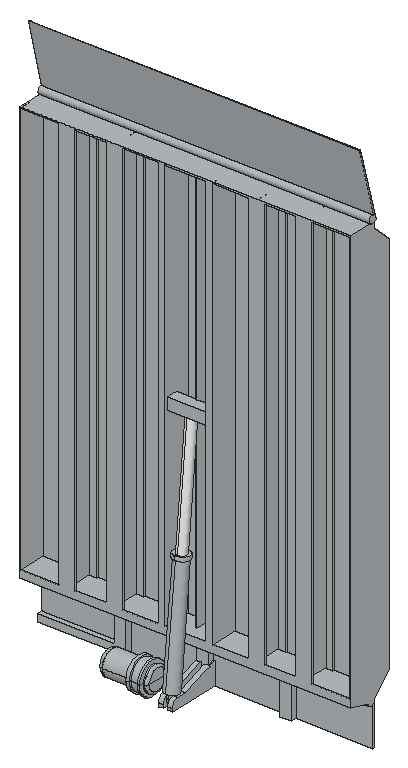
Revit family "DockEquipment_Leveler_Pentalift_HUV", category Specialty Equipment, host Face, Revit 2024
Family settings
  Host = Face
  Round Connector Dimension = Use Diameter
  Part Type = Normal
  Enable Cutting in Views = No
  Cut with Voids When Loaded = No
  Maintain Annotation Orientation = No
  Shared = No
  Room Calculation Point = No
Parameters
  YTotal [instance] = InclHeight + Unit Depth - 0' 2 1/4"  # 4' - 5 15/16"
  XDim [instance] = ((((Platform Length / 2) - 0' 0 3/4") * cos(Incline Angle)) + (0' 3 3/4" * sin(Incline Angle))) - 0' 10 1/8" + 0' 0 3/4"  # -0' - 5 5/8"
  Warranty Duration (Years) = 0
  Unit Width = 6' - 0"
  Unit Depth = 0' - 10"
  URL = "http://www.pentalift.com/index.php"
  Test Data = ""
  Specification = ""
  SpecWizard = ""
  Send Message = "http://www.arcat.com/users.pl?action=UserEmail&company=Pentalift Equipment Corp.&coid=34752&rep=119&fax=519-763-2894&mf="
  Sales Information = "http://www.pentalift.com/about-us.htm"
  Revision = "R1_1_2012"
  Product Properties = ""
  Product Data = "http://www.arcat.com/arcatcos/cos34/arc34752.html"
  Pit Length = 8' - 0"
  PistonAngle [instance] = if(PA < 0.00°, (90.00° - abs(PA)) + 90.00°, PA)  # 95.9537°
  Piston Length [instance] = abs(XDim / cos(PA))  # 4' - 6.23002"
  PL/2 [instance] = Piston Length / 2  # 2' - 3.11501"
  Platform Length = 7' - 9 7/8"
  PA [instance] = atan(YTotal / XDim)  # -84.0463°
  Model = "As Specified"
  Material = Metal - Steel - Pentalift - Painted - Gray
  Manufacturer Website = "http://www.pentalift.com/index.php"
  Manufacturer Phone - Toll Free = ""
  Manufacturer Phone = "519-763-3625"
  Manufacturer Fax = "519-763-2894"
  Manufacturer Address = "21 Nicholas Beaver Rd. Guelph, ON, Canada N1H 6H9 "
  Manufacturer = "Pentalift Equipment Corp."
  Maintenance Schedule (Months) = 0
  Lip Length [instance] = 1' - 4"
  Lip Angle [instance] = 0.00°
  Keynote = "11160"
  Installation-Fabrication = ""
  Installation Phase = ""
  Incline Angle [instance] = 90.00°
  InclHeight [instance] = (((Platform Length / 2) - 0' 0 3/4") * sin(Incline Angle)) - (0' 3 3/4" * cos(Incline Angle))  # 3' - 10 3/16"
  Green Building-LEED = ""
  Pit Extension Right [instance] = 0' - 0"
  Pit Extension Left [instance] = 0' - 0"
  Expected Lifespan (Years) = 0
  Drawn By = "Sumex Design, Inc. / Robert S. Weygant, CSI, CDT, SCIP"
  Description = "Pentalift Dock Equipment as Specified"
  Default Elevation = 4' - 0"
  Copyright = "©Arcat Inc."
  Construction Details = "http://www.arcat.com/details/pentalif/pentalif.html?coid=34752"
  Capacity (Weight) = 100.00 kip
  Building Codes = ""
  Assembly Code = "E1030300"
Reference planes (in)
  plane 1 "Center (Front/Back)": y = 0
  plane 2: z = 0
  plane 3 "Center (Left/Right)": x = 0
  plane 4: y = 48
  plane 5: y = -48
  plane 6: x = -36
  plane 7: x = 36
  plane 8: z = -10
  plane 9: x = -18
  plane 10: x = 18
  plane 11: y = 37.875
  plane 12: z = -8.5
  plane 13: z = -6
  plane 14: x = -36
  plane 15: x = 36
Forms (in)
  Extrusion 1, void
    sketch origin (0, 0, 0) x (1, 0, 0) y (0, 1, 0)
      loop
        line (-36, -48) -> (36, -48) -> (36, 48) -> (-36, 48) -> (-36, -48)
    from 0 to -10
  Sweep 2, solid, material "Metal - Steel - Pentalift - Painted - Gray" <- "Material"
    path origin (-11.83813, 48, 48) x (-1, 0, 0) y (0, 0, 1)
      loop
        line (6.16187, -58) -> (6.16187, -49.5)
    profile origin (-18, 48, -5.75) x (1, 0, 0) y (0, 1, 0)
      loop
        line (-1.25, -0.25) -> (-1.25, -1.5) -> (1.25, -1.5) -> (1.25, -0.25) -> (-1.25, -0.25)
  Sweep 3, solid, material "Metal - Steel - Pentalift - Painted - Gray" <- "Material"
    path origin (24.16187, 48, 48) x (-1, 0, 0) y (0, 0, 1)
      loop
        line (6.16187, -58) -> (6.16187, -49.5)
    profile origin (18, 48, -5.75) x (1, 0, 0) y (0, 1, 0)
      loop
        line (-1.25, -0.25) -> (-1.25, -1.5) -> (1.25, -1.5) -> (1.25, -0.25) -> (-1.25, -0.25)
  Revolve 4, solid, material "Metal - Steel - Pentalift - Painted - Gray" <- "Material"
    sketch origin (0, 37.875, -8.5) x (0, 0.103725, 0.994606) y (0, -0.994606, 0.103725)
      loop
        line (1.25, 0) -> (27.11501, 0) -> (27.11501, 1.75) -> (26.36501, 1.75) -> (26.36501, 1.5) -> (1.25, 1.5) -> (1.25, 0)
      axis (1.25, 0) -> (27.11501, 0)
    angle from 0 to 360
  Revolve 5, solid, material "Metal - Chrome - Pentalift - Polished"
    sketch origin (0, 37.875, -8.5) x (0, 0.103725, 0.994606) y (0, -0.994606, 0.103725)
      loop
        line (27.11501, 0) -> (54.23002, 0) -> (54.23002, 1) -> (27.11501, 1) -> (27.11501, 0)
      axis (27.11501, 0) -> (54.23002, 0)
    angle from 0 to 360
  Extrusion 6, solid, material "Metal - Steel - Pentalift - Painted - Gray" <- "Material"
    sketch origin (-11.83813, 48, 48) x (-1, 0, 0) y (0, 0, 1)
      loop
        line (24.16187, -49.5) -> (-47.83813, -49.5) -> (-47.83813, -58) -> (24.16187, -58) -> (24.16187, -49.5)
    from 0 to -0.25
  Extrusion 7, solid, material "Metal - Steel - Pentalift - Painted - Gray" <- "Material"
    sketch origin (-15.17702, -180, -10) x (-1, 0, 0) y (0, -1, 0)
      loop
        line (4.07298, -226.5) -> (4.07298, -227.75) -> (20.82298, -227.75) -> (20.82298, -226.5) -> (4.07298, -226.5)
    from 0 to 1.5
  Extrusion 8, solid, material "Metal - Steel - Pentalift - Painted - Gray" <- "Material"
    sketch origin (0, 0, 0) x (0, 1, 0) y (0, 0, 1)
      loop
        line (48, -10) -> (48, -4.90162) -> (39.87356, -7.875) -> (37.875, -7.875)
        arc (37.875, -7.875) -> (36.81434, -8.31434) -> (36.375, -9.375) r 1.5
        line (36.375, -9.375) -> (36.375, -10) -> (48, -10)
    from 0.5 to 1.5
  Sweep 9, solid, material "Metal - Steel - Pentalift - Painted - Gray" <- "Material"
    path origin (6.16187, 48, 48) x (-1, 0, 0) y (0, 0, 1)
      loop
        line (6.16187, -58) -> (6.16187, -49.5)
    profile origin (0, 48, -5.75) x (1, 0, 0) y (0, 1, 0)
      loop
        line (-1.25, -0.25) -> (-1.25, -1.5) -> (1.25, -1.5) -> (1.25, -0.25) -> (-1.25, -0.25)
  Revolve 10, solid, material "Metal - Steel - Pentalift - Painted - Gray" <- "Material"
    sketch origin (19.5, -180, -6) x (-1, 0, 0) y (0, -1, 0)
      loop
        line (22.5, -217.875) -> (22.5, -220.125)
        arc (22.5, -220.125) -> (22.64645, -220.47855) -> (23, -220.625) r 0.5
        line (23, -220.625) -> (23.5, -220.625) -> (23.5, -221.375) -> (24, -221.375) -> (24, -221.125) -> (25.75, -221.125) -> (25.75, -221.375) -> (26.5, -221.375) -> (26.5, -220.625) -> (32.25, -220.625)
        arc (32.25, -220.625) -> (32.95711, -220.33211) -> (33.25, -219.625) r 1
        line (33.25, -219.625) -> (33.25, -217.875) -> (22.5, -217.875)
      axis (22.5, -217.875) -> (33.25, -217.875)
    angle from 0 to 360
  Extrusion 11, solid, material "Metal - Steel - Pentalift - Painted - Gray" <- "Material"
    sketch origin (0, 37.875, -8.5) x (0, 0.103725, 0.994606) y (0, -0.994606, 0.103725)
      loop
        line (1.25, 1) -> (0, 1)
        arc (0, 1) -> (-1, 0) -> (0, -1) r 1
        line (0, -1) -> (1.25, -1) -> (1.25, 1)
    from -0.25 to 0.25
  Extrusion 12, solid, material "Metal - Steel - Pentalift - Painted - Gray" <- "Material"
    sketch origin (0, 0, 0) x (0, 1, 0) y (0, 0, 1)
      loop
        line (48, -10) -> (48, -4.90162) -> (39.87356, -7.875) -> (37.875, -7.875)
        arc (37.875, -7.875) -> (36.81434, -8.31434) -> (36.375, -9.375) r 1.5
        line (36.375, -9.375) -> (36.375, -10) -> (48, -10)
    from -0.5 to -1.5
Cuts and joins
  joined: Sweep 2, Sweep 3, Extrusion 6, Extrusion 7, Extrusion 8, Sweep 9, Extrusion 12
  joined: Revolve 4, Extrusion 11
Lines and regions (in)
  reference lines
    curve 1: line (0, 47.25, -0.75) -> (0, 47.25, 75.25)
    curve 2: line (0, 37.875, -8.5) -> (0, 43.37242, 44.21412)
Text (in)
  text "Needs electrical connection - assume this would connect to hydraulic motor..." at (51.60765, 15.26914, 0), in view "Ref. Level"
Dimensions and locks (in)
  "Unit Depth": level to plane 8
  equal spacing: plane 4, plane 1 "Center (Front/Back)", plane 5
  equal spacing: plane 6, plane 3 "Center (Left/Right)", plane 7
  "Unit Width": plane 6 to plane 7
  equal spacing: plane 6, plane 9, plane 3 "Center (Left/Right)"
  locked: plane 4 to plane 11 at 10.125
  locked: plane 12 to plane 8 at 1.5
  equal spacing: plane 3 "Center (Left/Right)", plane 10, plane 7
  "PL/2": curve 2 to Revolve 4 sketch curve
  locked: Revolve 4 sketch curve to Revolve 4 sketch curve at 0.75
  "PL/2": Revolve 5 sketch curve to curve 2
  "Piston Length": curve 2 to Revolve 5 sketch curve
  locked: plane 13 to plane 12 at 2.5
  "Pit Length": plane 4 to plane 5
  "Pit Extension Right": plane 7 to plane 15
  "Pit Extension Left": plane 14 to plane 6
  locked: plane 4 to curve 1 at 0.75
  locked: level to curve 1 at 0.75
  locked: Revolve 10 sketch curve to plane 3 "Center (Left/Right)" at 13.75
  "Incline Angle": angle level to curve 1
  "PistonAngle": angle plane 12 to curve 2
  aligned and locked: plane 2 to host face
  aligned and locked: level to host face
  aligned and locked: Extrusion 1 to plane 8
Automatic sketch dimensions
  host sketch curve to host sketch curve = 8' - 0"
  host sketch curve to host sketch curve = 9' - 11.43093"
  Extrusion 1 sketch curve to plane 4 = 0' - 0"
  Extrusion 1 sketch curve to plane 14 = 0' - 0"
  Extrusion 1 sketch curve to plane 5 = 0' - 0"
  Extrusion 1 sketch curve to plane 15 = 0' - 0"
  curve 2 to plane 11 = 0' - 0"
  curve 2 to plane 12 = 0' - 0"
  Sweep 2 sketch curve to plane 9 = 0' - 0"
  Sweep 2 sketch curve to plane 8 = 0' - 0"
  Sweep 2 sketch curve to level = 0' - 1 1/2"
  profile plane to Sweep 2 sketch curve = 0' - 1 1/4"
  Sweep 2 sketch curve to profile plane = 0' - 1 1/4"
  Sweep 2 sketch curve to plane 4 = 0' - 1 1/2"
  Sweep 2 sketch curve to plane 4 = 0' - 0 1/4"
  Sweep 3 sketch curve to plane 10 = 0' - 0"
  Sweep 3 sketch curve to plane 8 = 0' - 0"
  Sweep 3 sketch curve to level = 0' - 1 1/2"
  profile plane to Sweep 3 sketch curve = 0' - 1 1/4"
  Sweep 3 sketch curve to profile plane = 0' - 1 1/4"
  Sweep 3 sketch curve to plane 4 = 0' - 1 1/2"
  Sweep 3 sketch curve to plane 4 = 0' - 0 1/4"
  Revolve 5 sketch curve to curve 2 = 0' - 0"  (x2)
  Revolve 5 sketch curve to curve 2 = 0' - 1"
  Revolve 5 sketch curve to Revolve 5 sketch curve = 0' - 5 1/2"
  Revolve 5 sketch curve to Revolve 5 sketch curve = 0' - 1"
  Extrusion 6 sketch curve to plane 7 = 0' - 0"
  Extrusion 6 sketch curve to plane 6 = 0' - 0"
  Extrusion 6 sketch curve to plane 8 = 0' - 0"
  Extrusion 6 sketch curve to level = 0' - 1 1/2"
  Extrusion 7 sketch curve to plane 6 = 0' - 0"
  Extrusion 7 sketch curve to plane 9 = 0' - 1 1/4"
  Extrusion 7 sketch curve to plane 4 = 0' - 0 1/4"
  Extrusion 7 sketch curve to Extrusion 7 sketch curve = 0' - 1 1/4"
  Sweep 9 sketch curve to plane 3 "Center (Left/Right)" = 0' - 0"
  Sweep 9 sketch curve to plane 8 = 0' - 0"
  Sweep 9 sketch curve to level = 0' - 1 1/2"
  profile plane to Sweep 9 sketch curve = 0' - 1 1/4"
  Sweep 9 sketch curve to profile plane = 0' - 1 1/4"
  Sweep 9 sketch curve to plane 4 = 0' - 1 1/2"
  Sweep 9 sketch curve to plane 4 = 0' - 0 1/4"
  Extrusion 8 sketch curve to plane 8 = 0' - 0"
  Extrusion 11 sketch curve to curve 2 = 0' - 0"  (x3)
  curve 2 to Extrusion 11 sketch curve = 0' - 1"
  curve 2 to Extrusion 11 sketch curve = 0' - 1 1/4"
  Extrusion 12 sketch curve to plane 8 = 0' - 0"
  Extrusion 12 sketch curve to plane 11 = 0' - 0"
  Extrusion 12 sketch curve to plane 4 = 0' - 0"
  Extrusion 12 sketch curve to plane 13 = 0' - 1 7/8"
  Extrusion 12 sketch curve to plane 4 = 0' - 8.12644"
  plane 13 to Extrusion 12 sketch curve = 0' - 1.09838"
  Extrusion 12 sketch curve to plane 12 = 0' - 0 7/8"
  Revolve 4 sketch curve to curve 2 = 0' - 0"  (x2)
  curve 2 to Revolve 4 sketch curve = 0' - 1 1/4"
  Revolve 4 sketch curve to curve 2 = 0' - 1"
  Revolve 4 sketch curve to Revolve 4 sketch curve = 0' - 5 1/2"
  curve 2 to Revolve 4 sketch curve = 0' - 1 1/2"
  Revolve 4 sketch curve to Revolve 4 sketch curve = 0' - 0 1/4"
  plane 12 to Extrusion 8 sketch curve = 0' - 0 5/8"
  Extrusion 8 sketch curve to plane 11 = 0' - 1.99856"
  plane 13 to Extrusion 8 sketch curve = 0' - 1.09838"
  Extrusion 8 sketch curve to plane 11 = 0' - 0"
  plane 8 to Extrusion 8 sketch curve = 0' - 0 5/8"
  Extrusion 8 sketch curve to plane 4 = 0' - 0"
  Revolve 10 sketch curve to plane 11 = 0' - 0"  (x2)
  Revolve 10 sketch curve to plane 9 = 0' - 0"
  Revolve 10 sketch curve to Revolve 10 sketch curve = 0' - 1"
  Revolve 10 sketch curve to Revolve 10 sketch curve = 0' - 5 3/4"
  Revolve 10 sketch curve to Revolve 10 sketch curve = 0' - 0 3/4"  (x2)
  Revolve 10 sketch curve to Revolve 10 sketch curve = 0' - 1 3/4"
  Revolve 10 sketch curve to Revolve 10 sketch curve = 0' - 0 1/2"  (x4)
  Revolve 10 sketch curve to Revolve 10 sketch curve = 0' - 1 1/4"
  Revolve 10 sketch curve to plane 11 = 0' - 1 3/4"
  Revolve 10 sketch curve to plane 11 = 0' - 2 1/4"
  Revolve 10 sketch curve to Revolve 10 sketch curve = 0' - 0 1/4"
Nested families (in)
  nested 1: "Platform_HUV" at (0, 47.25, 45.4375) x (1, 0, 0) z (0, 1, 0), Material <- "Material", Unit Width <- "Unit Width", Unit Length <- "Platform Length", Lip Length <- "Lip Length", Lip Angle <- "Lip Angle", type "Platform_HUV"
    with offset 0' - 0", ll 1' - 3 1/4", Unit Width 6' - 0", Unit Length 7' - 9 7/8", Material Metal - Steel - Pentalift - Painted - Gray, Lip Length 1' - 4", Lip Angle 0.00°, FlapLength 3' - 4 15/16"
Definition of nested family "Platform_HUV"
  Parameters
    offset [instance] = 0' - 0"
    ll [instance] = Lip Length - 0' 0 3/4"  # 1' - 3 1/4"
    Warranty Duration (Years) = 0
    Unit Width [instance] = 6' - 0"
    Unit Length [instance] = 10' - 0"
    Unit Depth = 0' - 6 1/4"
    URL = "http://www.pentalift.com/index.php"
    Specification = ""
    SpecWizard = ""
    Send Message = "http://www.arcat.com/users.pl?action=UserEmail&company=Pentalift Equipment Corp.&coid=34752&rep=119&fax=519-763-2894&mf="
    Sales Information = "http://www.pentalift.com/about-us.htm"
    Revision = "R1_01-2012"
    Product Properties = ""
    Product Data = "http://www.arcat.com/arcatcos/cos34/arc34752.html"
    Model = "As Specified"
    Material [instance] = none
    Manufacturer Website = "http://www.pentalift.com/index.php"
    Manufacturer Phone - Toll Free = ""
    Manufacturer Phone = "519-763-3625 "
    Manufacturer Fax = "519-763-2894"
    Manufacturer Address = "21 Nicholas Beaver Rd. Guelph, ON, Canada N1H 6H9 "
    Manufacturer = "Pentalift Equipment Corp."
    Maintenance Schedule (Months) = 0
    Lip Length [instance] = 1' - 4"
    Lip Angle [instance] = 15.00°
    Keynote = "11160"
    Installation-Fabrication = ""
    Installation Phase = ""
    Green Building-LEED = ""
    FlapLength [instance] = (Unit Length / 2) - 0' 6"  # 4' - 6"
    Expected Lifespan (Years) = 0
    Drawn By = "Sumex Design, Inc. / Robert S. Weygant, CSI, CDT, SCIP"
    Description = "Pentalift Dock Equipment as Specified"
    Default Elevation = 4' - 0"
    Copyright = "©Arcat Inc."
    Construction Details = "http://www.arcat.com/details/pentalif/pentalif.html?coid=34752"
    Assembly Code = "E1030300"
  Reference planes (in)
    plane 1 "Center (Front/Back)": y = 0
    plane 2 "Bottom": z = 0
    plane 3 "Center (Left/Right)": x = 0
    plane 4 "Front": y = -60
    plane 5 "Back": y = 60
    plane 6 "Left": x = -36
    plane 7 "Right": x = 36
    plane 8 "Top": z = -5.5
    plane 9: y = -60.75
    plane 10: x = -25.71429
    plane 11: x = -15.42857
    plane 12: x = -5.14286
    plane 13: x = 5.14286
    plane 14: x = 15.42857
    plane 15: x = 25.71429
    plane 16: z = 0.75
    plane 17: y = 59.25
  Forms (in)
    Extrusion 1, solid, material <- "Material"
      sketch origin (0, 67, 0.75) x (0, 1, 0) y (-1, 0, 0)
        loop
          line (-7.3404, 36) -> (-127, 36) -> (-127, -36) -> (-7.3404, -36) -> (-7.3404, 36)
      from 0 to -0.25
    Extrusion 2, solid, material <- "Material"
      sketch origin (-11.94222, -60, 48) x (-1, 0, 0) y (0, 0, 1)
        loop
          line (24.05778, -47.25) -> (-47.94222, -47.25) -> (-47.94222, -53.5) -> (24.05778, -53.5) -> (24.05778, -47.25)
      from 0 to 0.25
    Extrusion 3, solid, material <- "Material"
      sketch origin (-36, 16.34522, 48) x (0, 1, 0) y (0, 0, 1)
        loop
          line (43.31438, -47.25) -> (-76.34522, -47.25) -> (-76.34522, -53.5) -> (41.54078, -53.5) -> (42.88877, -48.74983)
          arc (42.88877, -48.74983) -> (43.62138, -48.22132) -> (43.31438, -47.37173) r 0.75
          line (43.31438, -47.37173) -> (43.31438, -47.25)
      from 0 to 0.25
    Extrusion 4, solid, material <- "Material"
      sketch origin (36, 16.34522, 48) x (0, 1, 0) y (0, 0, 1)
        loop
          line (43.31438, -47.25) -> (-76.34522, -47.25) -> (-76.34522, -53.5) -> (41.54078, -53.5) -> (42.88877, -48.74983)
          arc (42.88877, -48.74983) -> (43.62138, -48.22132) -> (43.31438, -47.37173) r 0.75
          line (43.31438, -47.37173) -> (43.31438, -47.25)
      from 0 to -0.25
    Extrusion 5, solid, material <- "Material"
      sketch origin (0, -60.75, 0.25) x (0, -0.965926, -0.258819) y (0, 0.258819, -0.965926)
        loop
          line (-0.75, -0.75) -> (15.25, -0.75) -> (15.25, -0.5) -> (0.55902, -0.5)
          arc (0.55902, -0.5) -> (0, 0.75) -> (-0.55902, -0.5) r 0.75
          line (-0.55902, -0.5) -> (-0.75, -0.5) -> (-0.75, -0.75)
      from -36 to 36
    Extrusion 6, solid, material <- "Material"
      sketch origin (-11.94222, -60, 48) x (-1, 0, 0) y (0, 0, 1)
        loop
          line (-6.04936, -47.5) -> (-7.54936, -47.5) -> (-7.54936, -53.5) -> (-6.04936, -53.5) -> (-6.04936, -47.5)
        loop
          line (-16.33507, -47.5) -> (-17.83507, -47.5) -> (-17.83507, -53.5) -> (-16.33507, -53.5) -> (-16.33507, -47.5)
        loop
          line (-11.81722, -48.25) -> (-12.06722, -48.25) -> (-12.06722, -50.5) -> (-11.81722, -50.5) -> (-11.81722, -48.25)
        loop
          line (5.23635, -47.49673) -> (1.73635, -47.49673) -> (1.73635, -47.74673) -> (3.36135, -47.74673) -> (3.36135, -53.25) -> (1.73635, -53.25) -> (1.73635, -53.5) -> (5.23635, -53.5) -> (5.23635, -53.25) -> (3.61135, -53.25) -> (3.61135, -47.74673) -> (5.23635, -47.74673) -> (5.23635, -47.49673)
        loop
          line (-25.62079, -47.49673) -> (-29.12079, -47.49673) -> (-29.12079, -47.74673) -> (-27.49579, -47.74673) -> (-27.49579, -53.25) -> (-29.12079, -53.25) -> (-29.12079, -53.5) -> (-25.62079, -53.5) -> (-25.62079, -53.25) -> (-27.24579, -53.25) -> (-27.24579, -47.74673) -> (-25.62079, -47.74673) -> (-25.62079, -47.49673)
        loop
          line (-35.9065, -47.49673) -> (-39.4065, -47.49673) -> (-39.4065, -47.74673) -> (-37.7815, -47.74673) -> (-37.7815, -53.25) -> (-39.4065, -53.25) -> (-39.4065, -53.5) -> (-35.9065, -53.5) -> (-35.9065, -53.25) -> (-37.5315, -53.25) -> (-37.5315, -47.74673) -> (-35.9065, -47.74673) -> (-35.9065, -47.49673)
        loop
          line (15.52207, -47.49673) -> (12.02207, -47.49673) -> (12.02207, -47.74673) -> (13.64707, -47.74673) -> (13.64707, -53.25) -> (12.02207, -53.25) -> (12.02207, -53.5) -> (15.52207, -53.5) -> (15.52207, -53.25) -> (13.89707, -53.25) -> (13.89707, -47.74673) -> (15.52207, -47.74673) -> (15.52207, -47.49673)
      from 0 to 116.25
    Extrusion 7, solid, material <- "Material"
      sketch origin (-36, 16.34522, 48) x (0, 1, 0) y (0, 0, 1)
        loop
          line (41.54078, -53.5) -> (42.88877, -48.74983)
          arc (42.88877, -48.74983) -> (43.62138, -48.22132) -> (43.31438, -47.37173) r 0.75
          line (43.31438, -47.37173) -> (43.31438, -47.25) -> (39.90478, -47.25) -> (39.90478, -53.5) -> (41.54078, -53.5)
      from 0 to 72
    Extrusion 8, solid, material <- "Material"
      sketch origin (-5.14286, 53.27337, 48) x (0, 1, 0) y (0, 0, 1)
        loop
          line (-52.02337, -50.5) -> (-54.52337, -50.5) -> (-54.52337, -53) -> (-52.02337, -53) -> (-52.02337, -50.5)
      from 0 to 10.28571
    Extrusion 9, solid, material <- "Material"
      sketch origin (-36, 16.34522, 48) x (0, 1, 0) y (0, 0, 1)
        loop
          line (42.65478, -47.25) -> (38.65478, -43.25) -> (-71.34522, -43.25) -> (-75.34522, -47.25) -> (42.65478, -47.25)
      from 0 to 0.25
    Extrusion 10, solid, material <- "Material"
      sketch origin (36, 16.34522, 48) x (0, 1, 0) y (0, 0, 1)
        loop
          line (42.65478, -47.25) -> (38.65478, -43.25) -> (-71.34522, -43.25) -> (-75.34522, -47.25) -> (42.65478, -47.25)
      from 0 to -0.25
  Cuts and joins
    joined: Extrusion 1, Extrusion 2, Extrusion 3, Extrusion 4, Extrusion 6, Extrusion 7, Extrusion 8, Extrusion 9, Extrusion 10
  Lines and regions (in)
    reference lines
      curve 1: line (0, -60.75, 0.25) -> (0, -85.86407, -6.4793)
      curve 2: line (0, -60.75, 0.25) -> (0, -61.33234, 2.42333)
  Dimensions and locks (in)
    equal spacing: plane 6 "Left", plane 3 "Center (Left/Right)", plane 7 "Right"
    "Unit Width": plane 6 "Left" to plane 7 "Right"
    equal spacing: plane 5 "Back", plane 1 "Center (Front/Back)", plane 4 "Front"
    "Unit Length": plane 5 "Back" to plane 4 "Front"
    locked: plane 4 "Front" to plane 9 at 0.75
    equal spacing: plane 6 "Left", plane 10, plane 11, plane 12, plane 13, plane 14, plane 15, plane 7 "Right"
    locked: curve 1 to level at 0.25
    "ll": Extrusion 5 sketch curve to curve 2
    locked: curve 2 to Extrusion 5 sketch curve at 0.75
    locked: plane 16 to level at 0.75
    "Unit Depth": plane 16 to plane 8 "Top"
    locked: plane 5 "Back" to plane 17 at 0.75
    locked: plane 17 to cut or joined group of Extrusion 1, Extrusion 2, Extrusion 3, Extrusion 4, Extrusion 6, Extrusion 7, Extrusion 8, Extrusion 9, Extrusion 10 at 3
    aligned and locked: Extrusion 5 to plane 6 "Left"
    aligned and locked: Extrusion 5 to plane 7 "Right"
    aligned and locked: plane 7 "Right" to Extrusion 7
    aligned and locked: plane 13 to Extrusion 8
    aligned: Extrusion 6 sketch curve to Extrusion 6 sketch curve
  Automatic sketch dimensions
    curve 2 to curve 1 = 0' - 0"  (x2)
    curve 2 to curve 1 = 0' - 2 1/4"
    Extrusion 5 sketch curve to curve 1 = 0' - 0"  (x2)
    curve 1 to Extrusion 5 sketch curve = 0' - 0 1/2"
    curve 1 to Extrusion 5 sketch curve = 0' - 0 3/4"
    Extrusion 5 sketch curve to Extrusion 5 sketch curve = 0' - 0 1/4"
    Extrusion 5 sketch curve to Extrusion 5 sketch curve = 0' - 0"
    curve 1 to plane 9 = 0' - 0"
    curve 1 to plane 8 "Top" = 0' - 0.9793"
    plane 9 to curve 1 = 2' - 1.11407"
    Extrusion 2 sketch curve to plane 7 "Right" = 0' - 0"
    Extrusion 2 sketch curve to plane 6 "Left" = 0' - 0"
    Extrusion 2 sketch curve to plane 8 "Top" = 0' - 0"
    Extrusion 2 sketch curve to plane 16 = 0' - 0"
    Extrusion 1 sketch curve to plane 4 "Front" = 0' - 0"
    Extrusion 1 sketch curve to plane 5 "Back" = 0' - 0.3404"
    Extrusion 1 sketch curve to plane 7 "Right" = 0' - 0"
    Extrusion 1 sketch curve to plane 6 "Left" = 0' - 0"
    Extrusion 3 sketch curve to plane 4 "Front" = 0' - 0"
    Extrusion 3 sketch curve to plane 8 "Top" = 0' - 0"
    Extrusion 3 sketch curve to level = 0' - 0"
    Extrusion 3 sketch curve to plane 17 = 0' - 0"
    plane 17 to Extrusion 3 sketch curve = 0' - 1.364"
    plane 17 to Extrusion 3 sketch curve = 0' - 0.01602"
    Extrusion 3 sketch curve to plane 16 = 0' - 0"
    Extrusion 3 sketch curve to plane 16 = 0' - 0.12173"
    Extrusion 4 sketch curve to plane 4 "Front" = 0' - 0"
    Extrusion 4 sketch curve to plane 8 "Top" = 0' - 0"
    Extrusion 4 sketch curve to level = 0' - 0"
    Extrusion 4 sketch curve to plane 17 = 0' - 0"
    Extrusion 4 sketch curve to plane 16 = 0' - 0"
    plane 17 to Extrusion 4 sketch curve = 0' - 1.364"
    plane 17 to Extrusion 4 sketch curve = 0' - 0.01602"
    Extrusion 4 sketch curve to plane 5 "Back" = 0' - 0.3404"
    Extrusion 4 sketch curve to level = 0' - 0.74983"
    Extrusion 7 sketch curve to plane 8 "Top" = 0' - 0"
    Extrusion 7 sketch curve to plane 16 = 0' - 0"
    Extrusion 7 sketch curve to level = 0' - 0"
    Extrusion 7 sketch curve to plane 17 = 0' - 0"
    plane 17 to Extrusion 7 sketch curve = 0' - 0.01602"
    plane 17 to Extrusion 7 sketch curve = 0' - 1.364"
    plane 17 to Extrusion 7 sketch curve = 0' - 3"
    Extrusion 7 sketch curve to plane 16 = 0' - 0.12173"
    Extrusion 7 sketch curve to plane 5 "Back" = 0' - 0.3404"
    plane 1 "Center (Front/Back)" to Extrusion 8 sketch curve = 0' - 1 1/4"
    plane 8 "Top" to Extrusion 8 sketch curve = 0' - 0 1/2"
    Extrusion 8 sketch curve to plane 1 "Center (Front/Back)" = 0' - 1 1/4"
    Extrusion 8 sketch curve to level = 0' - 2 1/2"
    Extrusion 9 sketch curve to plane 16 = 0' - 0"
    plane 4 "Front" to Extrusion 9 sketch curve = 0' - 1"
    plane 4 "Front" to Extrusion 9 sketch curve = 0' - 5"
    plane 17 to Extrusion 9 sketch curve = 0' - 4 1/4"
    plane 17 to Extrusion 9 sketch curve = 0' - 0 1/4"
    plane 16 to Extrusion 9 sketch curve = 0' - 4"
    Extrusion 10 sketch curve to plane 16 = 0' - 0"
    plane 4 "Front" to Extrusion 10 sketch curve = 0' - 1"
    plane 4 "Front" to Extrusion 10 sketch curve = 0' - 5"
    plane 17 to Extrusion 10 sketch curve = 0' - 4 1/4"
    plane 17 to Extrusion 10 sketch curve = 0' - 0 1/4"
    plane 16 to Extrusion 10 sketch curve = 0' - 4"
    Extrusion 6 sketch curve to plane 8 "Top" = 0' - 0"  (x6)
    plane 8 "Top" to Extrusion 6 sketch curve = 0' - 0 1/4"  (x4)
    plane 15 to Extrusion 6 sketch curve = 0' - 1 3/4"  (x2)
    Extrusion 6 sketch curve to plane 16 = 0' - 0.24673"  (x4)
    plane 15 to Extrusion 6 sketch curve = 0' - 0 1/8"
    Extrusion 6 sketch curve to plane 15 = 0' - 0 1/8"
    level to Extrusion 6 sketch curve = 0' - 0.25327"  (x4)
    Extrusion 6 sketch curve to Extrusion 6 sketch curve = 0' - 1 5/8"  (x8)
    plane 14 to Extrusion 6 sketch curve = 0' - 1 3/4"  (x2)
    plane 14 to Extrusion 6 sketch curve = 0' - 0 1/8"
    Extrusion 6 sketch curve to plane 14 = 0' - 0 1/8"
    Extrusion 6 sketch curve to plane 16 = 0' - 0 1/4"  (x2)
    plane 13 to Extrusion 6 sketch curve = 0' - 0 3/4"
    Extrusion 6 sketch curve to plane 13 = 0' - 0 3/4"
    plane 3 "Center (Left/Right)" to Extrusion 6 sketch curve = 0' - 0 1/8"
    Extrusion 6 sketch curve to plane 3 "Center (Left/Right)" = 0' - 0 1/8"
    plane 12 to Extrusion 6 sketch curve = 0' - 0 3/4"
    Extrusion 6 sketch curve to plane 12 = 0' - 0 3/4"
    plane 11 to Extrusion 6 sketch curve = 0' - 1 3/4"  (x2)
    plane 11 to Extrusion 6 sketch curve = 0' - 0 1/8"
    Extrusion 6 sketch curve to plane 11 = 0' - 0 1/8"
    Extrusion 6 sketch curve to Extrusion 6 sketch curve = 0' - 0"  (x2)
    Extrusion 6 sketch curve to Extrusion 6 sketch curve = 0' - 0 1/4"  (x6)
    Extrusion 6 sketch curve to level = 0' - 2 1/2"
    Extrusion 6 sketch curve to level = 0' - 0 1/4"
    plane 10 to Extrusion 6 sketch curve = 0' - 1 3/4"  (x2)
    plane 10 to Extrusion 6 sketch curve = 0' - 0 1/8"
    Extrusion 6 sketch curve to plane 10 = 0' - 0 1/8"
    radius of Extrusion 5 sketch curve = 0' - 0 3/4"
    radius of Extrusion 3 sketch curve = 0' - 0 3/4"
